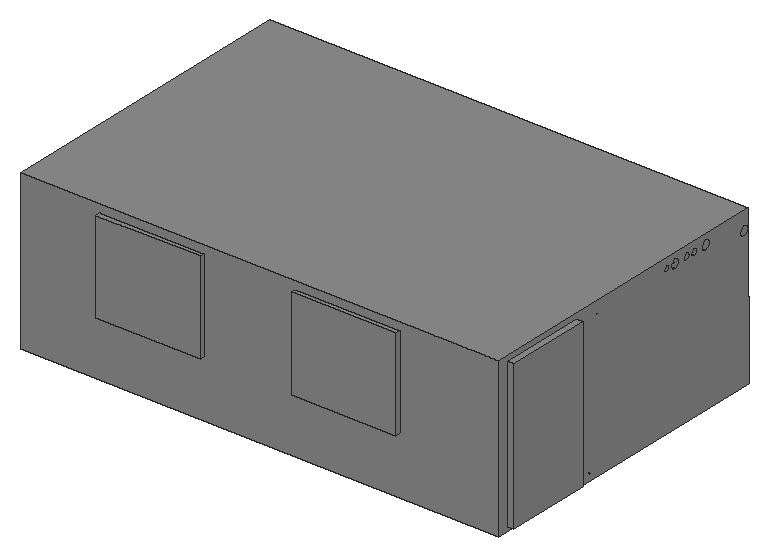
Revit family
Parameters (values of type "40RUA28")
  Width = 2' - 8 5/8"
  Voltage = 0 V
  Version = 1
  Unit Material = Paint - Carrier - American Sterling Gray
  UV-C Germicidal Lamp [instance] = no
  URL = "www.carrier.com"
  Type Comments = "25 Tons DX Coil Packed Air-Handling Unit"
  Return Air Intake Length = 7' - 8 3/4"
  Duct Width = 1' - 7 1/16"
  Duct Length = 1' - 9 9/16"
  Duct Height = 0' - 1"
  TXV Bulb Connection Size = 7/8"
  TXV Bulb Connection Radius = TXV Bulb Connection Size / 2  # 0' - 0 7/16"
  Suction Connection Size = 1 3/8"
  Suction Connection Radius = Suction Connection Size / 2  # 0' - 0 11/16"
  Subbase [instance] = no
  Steam Heating Coil [instance] = no
  Right Clearance = 2' - 6"
  Return Air Grille [instance] = no
  Programmable Thermostats [instance] = no
  Prepainted Units [instance] = no
  Overhead Suspension Package [instance] = no
  Model = "40RUA28"
  Manufacturer = "Carrier"  # constant formula
  MOCP = 0 A
  MCA = 0 A
  Liquid Connection Size = 5/8"
  Liquid Connection Radius = Liquid Connection Size / 2  # 0' - 0 5/16"
  Length = 8' - 3"
  Left Clearance = 2' - 6"
  Hot Water Heating Coils [instance] = no
  Height = 5' - 4 9/16"
  Bottom Return Air Intake Width = 2' - 0 11/16"
  Bottom Clearance = 2' - 6"
  Fan Radius = 1' - 0"
  Electric Heat [instance] = no
  Economizer [instance] = no
  Drain Connection Size = 1 1/4"
  Drain Connection Radius = Drain Connection Size / 2  # 0' - 0 5/8"
  Disclaimer = "Manufacturer reserves the right to change, at any time, specifications and designs without notice and without obligation.  Please verify critical parameters with local Carrier commercial sales office."  # constant formula
  Discharge Plenum [instance] = no
  Condensate Drain Trap [instance] = no
  CO2 Sensors [instance] = no
  CFM Per Duct [instance] = 0 CFM
  CFM (nominal) = 0 CFM
  Top Clearance = 0' - 3"
  Back Return Air Intake Height = 1' - 10"
  Assembly Code = "D3050200"
  Alternate Fan Motors [instance] = no
  Alternate Drives [instance] = no
Types (5): name | Type Comments | Duct Width | Duct Length | Suction Connection Size | Suction Connection Radius | Model | Liquid Connection Size | Liquid Connection Radius
  (no name) | "25 Tons DX Coil Packed Air-Handling Unit" | 1' - 7 1/16" | 1' - 9 9/16" | 1 3/8" | 0' - 0 11/16" | "40RUA28" | 5/8" | 0' - 0 5/16"
  40RUA28 | "25 Tons DX Coil Packed Air-Handling Unit" | 1' - 7 1/16" | 1' - 9 9/16" | 1 3/8" | 0' - 0 11/16" | "40RUA28" | 5/8" | 0' - 0 5/16"
  40RUA30 | "30 Tons  DX Coil Packed Air-Handling Unit" | 1' - 7" | 1' - 9" | 1 3/8" | 0' - 0 11/16" | "40RUA30" | 5/8" | 0' - 0 5/16"
  40RUS28 | "25 Tons Chilled Water Coil Packed Air-Handling Unit" | 1' - 7" | 1' - 9" | 2 1/8" | 0' - 1 1/16" | "40RUS28" | 2 1/8" | 0' - 1 1/16"
  40RUS30 | "30 Tons Chilled Water Coil Packed Air-Handling Unit" | 1' - 7" | 1' - 9" | 2 1/8" | 0' - 1 1/16" | "40RUS30" | 2 1/8" | 0' - 1 1/16"
Reference planes (in)
  plane 1 "Center (Front/Back)": y = 0
  plane 2: z = 0
  plane 3 "Center (Left/Right)": x = 0
  plane 4 "Top Face of Unit": z = 32.625
  plane 5 "Front Face of Unit": z = 0
  plane 6 "Left Face of Unit": x = -49.5
  plane 7 "Right Face of Unit": x = 49.5
  plane 8 "Top/Back Clearance Line": z = 31.1875
  plane 9 "Left Clearance Line": x = -79.5
  plane 10 "Right Clearance Line": x = 79.5
  plane 11 "Bottom/Front Clearance Line": z = -30
  plane 12 "Front Side of Unit": y = -28.03125
  plane 13 "Bottom of Unit": z = 0
  plane 14 "Left Duct Left Edge": x = -33
  plane 15 "Right Duct Right Edge": x = -11.4375
  plane 16 "Duct Back Edge": z = 31
  plane 17 "Duct Front Edge": z = 11.9375
  plane 18 "Duct Face": y = -29.03125
  plane 19 "Side Connections Centerline": z = 30.625
  plane 20 "Lower Suction Connection Centerline": y = 25.46875
  plane 21 "Lower Liquid Connection Centerline": y = 22.46875
  plane 22 "Upper Liquid Connection Centerline": y = 20.46875
  plane 23 "Upper Suction Connection Centerline": y = 17.46875
  plane 24 "TXV Bulb Connection": y = 15.34375
  plane 25 "Top Power Entry Centerline": y = -4.03125
  plane 26 "Lower Power Entry Centerline": y = -2.53125
  plane 27 "Drain Connection Centerline": y = 35.40625
  plane 28 "Drain Centerline - Horizontal": z = 28.875
  plane 29 "Front Drain Centerline Vertical": z = 2
  plane 30 "Front Drain Centerline Horizontal": y = -4.03125
  plane 31 "Back Face of Unit": y = 36.53125
  plane 32: x = 7.4375
  plane 33: x = 29
  plane 34 "Right Access Right Edge": y = -8.03125
  plane 35 "Right Access Left Edge": y = -26.03125
  plane 36 "Right Access Top Edge": z = 31.625
  plane 37 "Right Access Bottom Edge": z = 1
  plane 38 "Right Access Right Face": x = 51
  plane 39 "Left Edge of Intake": x = -46.375
  plane 40 "Right Edge of Intake": x = 46.375
  plane 41 "Back Edge of Intake": y = 29.78125
  plane 42 "Front Edge of Intake": y = 5.09375
  plane 43 "Top Edge of Intake": z = 25.4375
  plane 44 "Bottom Edge of Intake": z = 3.4375
Forms (in)
  Extrusion 1, solid, material "Paint - Carrier - American Sterling Gray" <- "Unit Material"
    sketch origin (0, 28.03125, 14.09375) x (1, 0, 0) y (0, 0, 1)
      loop
        line (-49.5, -14.09375) -> (49.5, -14.09375) -> (49.5, 18.53125) -> (-49.5, 18.53125) -> (-49.5, -14.09375)
    from -8.5 to 56.0625
  Extrusion 2, solid, material "Paint - Carrier - American Sterling Gray" <- "Unit Material", detail levels medium+fine
    sketch origin (0, -28.03125, 0) x (-1, 0, 0) y (0, 0, -1)
      loop
        line (33, -11.9375) -> (11.4375, -11.9375) -> (11.4375, -31) -> (33, -31) -> (33, -11.9375)
    from 0 to 1
  Extrusion 3, solid, material "Paint - Carrier - American Sterling Gray" <- "Unit Material", detail levels fine
    sketch origin (49.5, 28.03125, 14.09375) x (0, 0, 1) y (0, -1, 0)
      loop
        circle (16.53125, 32.0625) r 0.4375
    from 0 to -0.5
  Extrusion 4, solid, material "Paint - Carrier - American Sterling Gray" <- "Unit Material", detail levels fine
    sketch origin (49.5, 28.03125, 14.09375) x (0, 0, 1) y (0, -1, 0)
      loop
        circle (16.53125, 30.5625) r 0.4375
    from 0 to -0.5
  Extrusion 5, solid, material "Paint - Carrier - American Sterling Gray" <- "Unit Material", detail levels fine
    sketch origin (49.5, 28.03125, 14.09375) x (0, 0, 1) y (0, -1, 0)
      loop
        circle (16.53125, 12.6875) r 0.4375
    from 0 to -0.5
  Extrusion 6, solid, material "Paint - Carrier - American Sterling Gray" <- "Unit Material", detail levels fine
    sketch origin (49.5, 28.03125, 14.09375) x (0, 0, 1) y (0, -1, 0)
      loop
        circle (16.53125, 10.5625) r 0.875
    from 0 to -0.5
  Extrusion 7, solid, material "Paint - Carrier - American Sterling Gray" <- "Unit Material", detail levels fine
    sketch origin (49.5, 28.03125, 14.09375) x (0, 0, 1) y (0, -1, 0)
      loop
        circle (16.53125, 7.5625) r 0.5625
    from 0 to -0.5
  Extrusion 8, solid, material "Paint - Carrier - American Sterling Gray" <- "Unit Material", detail levels fine
    sketch origin (49.5, 28.03125, 14.09375) x (0, 0, 1) y (0, -1, 0)
      loop
        circle (16.53125, 5.5625) r 0.5625
    from 0 to -0.5
  Extrusion 9, solid, material "Paint - Carrier - American Sterling Gray" <- "Unit Material", detail levels fine
    sketch origin (49.5, 28.03125, 14.09375) x (0, 0, 1) y (0, -1, 0)
      loop
        circle (16.53125, 2.5625) r 0.875
    from 0 to -0.5
  Extrusion 10, solid, material "Paint - Carrier - American Sterling Gray" <- "Unit Material", detail levels fine
    sketch origin (49.5, 28.03125, 14.09375) x (0, 0, 1) y (0, -1, 0)
      loop
        circle (14.78125, -7.375) r 0.875
    from 0 to -0.5
  Extrusion 11, solid, material "Paint - Carrier - American Sterling Gray" <- "Unit Material", detail levels fine
    sketch origin (49.5, 28.03125, 14.09375) x (0, 0, 1) y (0, -1, 0)
      loop
        circle (-12.09375, 32.0625) r 0.875
    from 0 to -0.5
  Extrusion 12, solid, material "Paint - Carrier - American Sterling Gray" <- "Unit Material", detail levels medium+fine
    sketch origin (0, -28.03125, 0) x (-1, 0, 0) y (0, 0, -1)
      loop
        line (-7.4375, -11.9375) -> (-29, -11.9375) -> (-29, -31) -> (-7.4375, -31) -> (-7.4375, -11.9375)
    from 1 to 0
  Extrusion 13, solid, material "Paint - Carrier - American Sterling Gray" <- "Unit Material", detail levels medium+fine
    sketch origin (49.5, 0, 0) x (0, 1, 0) y (0, 0, 1)
      loop
        line (-26.03125, 1) -> (-8.03125, 1) -> (-8.03125, 31.625) -> (-26.03125, 31.625) -> (-26.03125, 1)
    from 1.5 to 0
  Extrusion 14, solid, material "Paint - Carrier - American Sterling Gray" <- "Unit Material", detail levels medium+fine
    sketch origin (0, 0, 0) x (-1, 0, 0) y (0, -1, 0)
      loop
        line (46.375, -5.09375) -> (-46.375, -5.09375) -> (-46.375, -29.78125) -> (46.375, -29.78125) -> (46.375, -5.09375)
    from 0 to 0.5
  Extrusion 15, solid, material "Paint - Carrier - American Sterling Gray" <- "Unit Material", detail levels medium+fine
    sketch origin (0, 36.53125, 0) x (0, 0, 1) y (1, 0, 0)
      loop
        line (3.4375, -46.375) -> (25.4375, -46.375) -> (25.4375, 46.375) -> (3.4375, 46.375) -> (3.4375, -46.375)
    from 0 to -0.5
Lines and regions (in)
  symbolic lines, style "Clearance Zones", detail levels fine
    curve 1: line (-79.5, -29.03125, 0) -> (79.5, -29.03125, 0)
    curve 2: line (-79.5, 36.53125, 0) -> (-79.5, -29.03125, 0)
    curve 3: line (79.5, 36.53125, 0) -> (-79.5, 36.53125, 0)
    curve 4: line (79.5, -29.03125, 0) -> (79.5, 36.53125, 0)
  model lines, detail levels medium+fine
    curve 5: line (-47, 33.03125, 0) -> (47, 33.03125, 0)
    curve 6: line (-47, 1.25, 0) -> (-47, 33.03125, 0)
    curve 7: line (47, 1.25, 0) -> (-47, 1.25, 0)
    curve 8: line (47, 33.03125, 0) -> (47, 1.25, 0)
    curve 9: line (-47, -1.25, 0) -> (47, -1.25, 0)
    curve 10: line (-47, -25.53125, 0) -> (-47, -1.25, 0)
    curve 11: line (47, -25.53125, 0) -> (-47, -25.53125, 0)
    curve 12: line (47, -1.25, 0) -> (47, -25.53125, 0)
    curve 13: line (-49.5, 33.03125, 28.625) -> (-49.5, 33.03125, 4)
    curve 14: line (-49.5, -25.53125, 4) -> (-49.5, -25.53125, 28.625)
    curve 15: line (-49.5, 33.03125, 4) -> (-49.5, -25.53125, 4)
    curve 16: line (49.5, 33.03125, 4) -> (49.5, 33.03125, 28.625)
    curve 17: line (49.5, -8.03125, 4) -> (49.5, 33.03125, 4)
    curve 18: line (49.5, -8.03125, 28.625) -> (49.5, -8.03125, 4)
    curve 19: line (49.5, 33.03125, 28.625) -> (49.5, -8.03125, 28.625)
  model lines
    curve 20: line (-49.5, 33.03125, 28.625) -> (-49.5, -25.53125, 28.625)
Dimensions and locks (in)
  equal spacing: plane 6 "Left Face of Unit", plane 3 "Center (Left/Right)", plane 7 "Right Face of Unit"
  "Length": plane 6 "Left Face of Unit" to plane 7 "Right Face of Unit"
  "Left Clearance": plane 9 "Left Clearance Line" to plane 6 "Left Face of Unit"
  "Right Clearance": plane 7 "Right Face of Unit" to plane 10 "Right Clearance Line"
  locked: plane 6 "Left Face of Unit" to plane 14 "Left Duct Left Edge" at 16.5
  "Duct Length": plane 14 "Left Duct Left Edge" to plane 15 "Right Duct Right Edge"
  locked: curve 10 to plane 6 "Left Face of Unit" at 2.5
  locked: plane 7 "Right Face of Unit" to curve 12 at 2.5
  locked: plane 12 "Front Side of Unit" to curve 11 at 2.5
  locked: curve 11 to curve 9 at 24.28125
  locked: curve 9 to curve 7 at 2.5
  locked: curve 15 to plane 5 "Front Face of Unit" at 4
  locked: plane 12 "Front Side of Unit" to curve 14 at 2.5
  locked: plane 19 "Side Connections Centerline" to plane 4 "Top Face of Unit" at 2
  locked: plane 28 "Drain Centerline - Horizontal" to plane 4 "Top Face of Unit" at 3.75
  locked: plane 5 "Front Face of Unit" to plane 29 "Front Drain Centerline Vertical" at 2
  locked: curve 20 to plane 4 "Top Face of Unit" at 4
  locked: plane 31 "Back Face of Unit" to curve 13 at 3.5
  "Width": plane 4 "Top Face of Unit" to plane 13 "Bottom of Unit"
  locked: plane 27 "Drain Connection Centerline" to plane 31 "Back Face of Unit" at 1.125
  locked: plane 20 "Lower Suction Connection Centerline" to plane 31 "Back Face of Unit" at 11.0625
  locked: plane 21 "Lower Liquid Connection Centerline" to plane 31 "Back Face of Unit" at 14.0625
  locked: plane 22 "Upper Liquid Connection Centerline" to plane 31 "Back Face of Unit" at 16.0625
  locked: plane 23 "Upper Suction Connection Centerline" to plane 31 "Back Face of Unit" at 19.0625
  locked: plane 24 "TXV Bulb Connection" to plane 31 "Back Face of Unit" at 21.1875
  locked: plane 26 "Lower Power Entry Centerline" to plane 31 "Back Face of Unit" at 39.0625
  locked: plane 25 "Top Power Entry Centerline" to plane 31 "Back Face of Unit" at 40.5625
  locked: plane 30 "Front Drain Centerline Horizontal" to plane 31 "Back Face of Unit" at 40.5625
  plane 4 "Top Face of Unit" to plane 16 "Duct Back Edge" = 0' - 1 5/8"
  "Duct Width": plane 16 "Duct Back Edge" to plane 17 "Duct Front Edge"
  locked: plane 15 "Right Duct Right Edge" to plane 32 at 18.875
  "Duct Length": plane 32 to plane 33
  locked: curve 5 to plane 31 "Back Face of Unit" at 3.5
  "Height": plane 12 "Front Side of Unit" to plane 31 "Back Face of Unit"
  plane 12 "Front Side of Unit" to plane 35 "Right Access Left Edge" to plane 34 "Right Access Right Edge" = 0' - 2" locked, 1' - 6" locked
  locked: plane 37 "Right Access Bottom Edge" to plane 13 "Bottom of Unit" at 1
  locked: plane 4 "Top Face of Unit" to plane 36 "Right Access Top Edge" at 1
  locked: plane 7 "Right Face of Unit" to plane 38 "Right Access Right Face" at 1.5
  locked: plane 6 "Left Face of Unit" to plane 39 "Left Edge of Intake" at 3.125
  "Return Air Intake Length": plane 39 "Left Edge of Intake" to plane 40 "Right Edge of Intake"
  locked: plane 31 "Back Face of Unit" to plane 41 "Back Edge of Intake" at 6.75
  "Bottom Return Air Intake Width": plane 41 "Back Edge of Intake" to plane 42 "Front Edge of Intake"
  locked: Extrusion 14 to plane 13 "Bottom of Unit" at 0.5
  locked: plane 44 "Bottom Edge of Intake" to plane 13 "Bottom of Unit" at 3.4375
  "Back Return Air Intake Height": plane 43 "Top Edge of Intake" to plane 44 "Bottom Edge of Intake"
  locked: Extrusion 15 to plane 31 "Back Face of Unit" at 0.5
  radius of Extrusion 3 sketch curve = 0' - 0 7/16"
  radius of Extrusion 4 sketch curve = 0' - 0 7/16"
  radius of Extrusion 5 sketch curve = 0' - 0 7/16"
  radius of Extrusion 6 sketch curve = 0' - 0 7/8"
  radius of Extrusion 7 sketch curve = 0' - 0 9/16"
  radius of Extrusion 8 sketch curve = 0' - 0 9/16"
  radius of Extrusion 9 sketch curve = 0' - 0 7/8"
  radius of Extrusion 10 sketch curve = 0' - 0 7/8"
  radius of Extrusion 11 sketch curve = 0' - 0 7/8"
  aligned and locked: level to plane 2
  aligned and locked: plane 10 "Right Clearance Line" to curve 4
  aligned and locked: curve 2 to plane 9 "Left Clearance Line"
  aligned and locked: level to plane 13 "Bottom of Unit"
  aligned and locked: plane 4 "Top Face of Unit" to Extrusion 1 sketch curve
  aligned and locked: Extrusion 1 sketch curve to plane 6 "Left Face of Unit"
  aligned and locked: plane 7 "Right Face of Unit" to Extrusion 1
  aligned and locked: plane 5 "Front Face of Unit" to Extrusion 1
  aligned and locked: Extrusion 1 to plane 12 "Front Side of Unit"
  aligned: Extrusion 1 to plane 13 "Bottom of Unit"
  aligned and locked: plane 16 "Duct Back Edge" to Extrusion 2 sketch curve
  aligned and locked: plane 15 "Right Duct Right Edge" to Extrusion 2 sketch curve
  aligned and locked: Extrusion 2 sketch curve to plane 14 "Left Duct Left Edge"
  aligned and locked: Extrusion 2 sketch curve to plane 17 "Duct Front Edge"
  aligned and locked: Extrusion 2 to plane 12 "Front Side of Unit"
  aligned and locked: Extrusion 2 to plane 18 "Duct Face"
  aligned and locked: curve 10 to curve 6
  aligned and locked: curve 8 to curve 12
  aligned and locked: curve 15 to curve 17
  aligned and locked: curve 13 to curve 16
  aligned and locked: plane 19 "Side Connections Centerline" to Extrusion 3 sketch curve
  aligned and locked: plane 25 "Top Power Entry Centerline" to Extrusion 3 sketch curve
  aligned and locked: plane 7 "Right Face of Unit" to Extrusion 3
  aligned and locked: plane 19 "Side Connections Centerline" to Extrusion 4 sketch curve
  aligned and locked: plane 26 "Lower Power Entry Centerline" to Extrusion 4 sketch curve
  aligned and locked: plane 19 "Side Connections Centerline" to Extrusion 5 sketch curve
  aligned and locked: plane 24 "TXV Bulb Connection" to Extrusion 5 sketch curve
  aligned and locked: plane 23 "Upper Suction Connection Centerline" to Extrusion 6 sketch curve
  aligned and locked: plane 19 "Side Connections Centerline" to Extrusion 6 sketch curve
  aligned and locked: plane 19 "Side Connections Centerline" to Extrusion 7 sketch curve
  aligned and locked: plane 22 "Upper Liquid Connection Centerline" to Extrusion 7 sketch curve
  aligned and locked: plane 19 "Side Connections Centerline" to Extrusion 8 sketch curve
  aligned and locked: plane 21 "Lower Liquid Connection Centerline" to Extrusion 8 sketch curve
  aligned and locked: plane 19 "Side Connections Centerline" to Extrusion 9 sketch curve
  aligned and locked: plane 20 "Lower Suction Connection Centerline" to Extrusion 9 sketch curve
  aligned and locked: plane 28 "Drain Centerline - Horizontal" to Extrusion 10 sketch curve
  aligned and locked: plane 27 "Drain Connection Centerline" to Extrusion 10 sketch curve
  aligned and locked: plane 7 "Right Face of Unit" to Extrusion 10
  aligned and locked: plane 7 "Right Face of Unit" to Extrusion 9
  aligned and locked: plane 7 "Right Face of Unit" to Extrusion 8
  aligned and locked: plane 7 "Right Face of Unit" to Extrusion 7
  aligned and locked: plane 7 "Right Face of Unit" to Extrusion 6
  aligned and locked: plane 7 "Right Face of Unit" to Extrusion 5
  aligned and locked: plane 7 "Right Face of Unit" to Extrusion 4
  aligned and locked: plane 29 "Front Drain Centerline Vertical" to Extrusion 11 sketch curve
  aligned and locked: plane 30 "Front Drain Centerline Horizontal" to Extrusion 11 sketch curve
  aligned and locked: plane 7 "Right Face of Unit" to Extrusion 11
  aligned and locked: curve 20 to curve 19
  aligned and locked: plane 31 "Back Face of Unit" to Extrusion 1
  aligned and locked: plane 16 "Duct Back Edge" to Extrusion 12 sketch curve
  aligned and locked: Extrusion 12 sketch curve to plane 32
  aligned and locked: plane 33 to Extrusion 12 sketch curve
  aligned and locked: Extrusion 12 sketch curve to plane 17 "Duct Front Edge"
  aligned and locked: plane 18 "Duct Face" to Extrusion 12
  aligned and locked: Extrusion 12 to plane 12 "Front Side of Unit"
  aligned and locked: plane 31 "Back Face of Unit" to curve 3
  aligned and locked: plane 18 "Duct Face" to curve 1
  aligned and locked: curve 18 to plane 34 "Right Access Right Edge"
  aligned and locked: plane 34 "Right Access Right Edge" to Extrusion 13 sketch curve
  aligned and locked: plane 36 "Right Access Top Edge" to Extrusion 13 sketch curve
  aligned and locked: Extrusion 13 sketch curve to plane 37 "Right Access Bottom Edge"
  aligned and locked: Extrusion 13 sketch curve to plane 35 "Right Access Left Edge"
  aligned and locked: plane 38 "Right Access Right Face" to Extrusion 13
  aligned and locked: Extrusion 13 to plane 7 "Right Face of Unit"
  aligned and locked: plane 40 "Right Edge of Intake" to Extrusion 14 sketch curve
  aligned and locked: plane 41 "Back Edge of Intake" to Extrusion 14 sketch curve
  aligned and locked: Extrusion 14 sketch curve to plane 39 "Left Edge of Intake"
  aligned and locked: Extrusion 14 sketch curve to plane 42 "Front Edge of Intake"
  aligned and locked: Extrusion 14 to plane 13 "Bottom of Unit"
  aligned and locked: Extrusion 15 sketch curve to plane 39 "Left Edge of Intake"
  aligned and locked: plane 40 "Right Edge of Intake" to Extrusion 15 sketch curve
  aligned and locked: plane 43 "Top Edge of Intake" to Extrusion 15 sketch curve
  aligned and locked: Extrusion 15 sketch curve to plane 44 "Bottom Edge of Intake"
  aligned and locked: plane 31 "Back Face of Unit" to Extrusion 15
Automatic sketch dimensions
  Extrusion 1 sketch curve to plane 7 "Right Face of Unit" = 0' - 0"
  Extrusion 1 sketch curve to level = 0' - 0"
Connectors (in)
  hvac at (-22.21875, -29.03125, 21.46875), driven by "Duct Length", driven by "Duct Width", driven by "CFM Per Duct"
    settings: on Extrusion 2, index 1, duct flow 0 CFM, flow factor 0, pres drop 0.00 in-wg, loss coef 0, conn angle 0.00°, conn width 21 9/16", conn height 19 1/16", conn radius 12", duct sys type 1, conn prof type 1, flow config 0, flow direction 2, loss method 0, conn ref index -1, conn util no, is conn primary yes, conn desc "Left Supply Air"
  piping at (49.5, 25.46875, 30.625), driven by "Suction Connection Radius"
    settings: on Extrusion 9, index 3, connector radius 11/16", flow factor 0, pipe flow 0 GPM, pressure drop 0.00 psi, fitting loss kfactor 0, connector angle 0.00°, fixture units 0, flow configuration 1, flow direction 2, fitting loss method 0, system type 22, connector reference index -1, connector utility 0, adjustable connector no, is connector primary yes, fitting loss table "", connector description "Lower Suction Connection"
  piping at (49.5, 22.46875, 30.625), driven by "Liquid Connection Radius"
    settings: on Extrusion 8, index 4, connector radius 5/16", flow factor 0, pipe flow 0 GPM, pressure drop 0.00 psi, fitting loss kfactor 0, connector angle 0.00°, fixture units 0, flow configuration 1, flow direction 1, fitting loss method 0, system type 22, connector reference index -1, connector utility 0, adjustable connector no, is connector primary no, fitting loss table "", connector description "Lower Liquid Connection"
  piping at (49.5, 20.46875, 30.625), driven by "Liquid Connection Radius"
    settings: on Extrusion 7, index 5, connector radius 5/16", flow factor 0, pipe flow 0 GPM, pressure drop 0.00 psi, fitting loss kfactor 0, connector angle 0.00°, fixture units 0, flow configuration 1, flow direction 1, fitting loss method 0, system type 22, connector reference index -1, connector utility 0, adjustable connector no, is connector primary no, fitting loss table "", connector description "Upper Liquid Connection"
  piping at (49.5, 17.46875, 30.625), driven by "Suction Connection Radius"
    settings: on Extrusion 6, index 6, connector radius 11/16", flow factor 0, pipe flow 0 GPM, pressure drop 0.00 psi, fitting loss kfactor 0, connector angle 0.00°, fixture units 0, flow configuration 1, flow direction 2, fitting loss method 0, system type 22, connector reference index -1, connector utility 0, adjustable connector no, is connector primary no, fitting loss table "", connector description "Upper Suction Connection"
  piping at (49.5, 15.34375, 30.625), driven by "TXV Bulb Connection Radius"
    settings: on Extrusion 5, index 7, connector radius 7/16", flow factor 0, pipe flow 0 GPM, pressure drop 0.00 psi, fitting loss kfactor 0, connector angle 0.00°, fixture units 0, flow configuration 1, flow direction 1, fitting loss method 0, system type 22, connector reference index -1, connector utility 0, adjustable connector no, is connector primary no, fitting loss table "", connector description "TXV Bulb"
  electrical at (49.5, -4.03125, 30.625)
    settings: on Extrusion 3, index 8, voltage 0 V, apparent load 0 VA, apparent load phase1 0 VA, apparent load phase2 0 VA, apparent load phase3 0 VA, power factor 1, load classification "Power", number of poles 3, system type 30, power factor state 1, is connector primary yes, connector utility no, sub classification motor no, connector description "Power Supply"
  electrical at (49.5, -2.53125, 30.625)
    settings: on Extrusion 4, index 9, voltage 0 V, apparent load 0 VA, apparent load phase1 0 VA, apparent load phase2 0 VA, apparent load phase3 0 VA, power factor 1, load classification "Motor", number of poles 3, system type 30, power factor state 1, is connector primary no, connector utility no, sub classification motor no, connector description "Optional Fan Motor"
  piping at (49.5, -4.03125, 2), driven by "Drain Connection Radius"
    settings: on Extrusion 11, index 10, connector radius 5/8", flow factor 0, pipe flow 0 GPM, pressure drop 0.00 psi, fitting loss kfactor 0, connector angle 0.00°, fixture units 0, flow configuration 1, flow direction 2, fitting loss method 0, system type 16, connector reference index -1, connector utility 0, adjustable connector no, is connector primary no, fitting loss table "", connector description "Front Drain"
  hvac at (18.21875, -29.03125, 21.46875), driven by "Duct Length", driven by "Duct Width", driven by "CFM Per Duct"
    settings: on Extrusion 12, index 11, duct flow 0 CFM, flow factor 0, pres drop 0.00 in-wg, loss coef 0, conn angle 0.00°, conn width 21 9/16", conn height 19 1/16", conn radius 12", duct sys type 1, conn prof type 1, flow config 0, flow direction 2, loss method 0, conn ref index -1, conn util no, is conn primary no, conn desc "Right Supply Air"
  hvac at (0, 17.4375, 0), driven by "Return Air Intake Length", driven by "Bottom Return Air Intake Width"
    settings: on Extrusion 14, index 12, duct flow 0 CFM, flow factor 0, pres drop 0.00 in-wg, loss coef 0, conn angle 0.00°, conn width 92 3/4", conn height 24 11/16", conn radius 12", duct sys type 2, conn prof type 1, flow config 0, flow direction 1, loss method 0, conn ref index -1, conn util no, is conn primary no, conn desc "Bottom Return Air Intake"
  hvac at (0, 36.53125, 14.4375), driven by "Return Air Intake Length", driven by "Back Return Air Intake Height"
    settings: on Extrusion 15, index 13, duct flow 0 CFM, flow factor 0, pres drop 0.00 in-wg, loss coef 0, conn angle 0.00°, conn width 92 3/4", conn height 22", conn radius 12", duct sys type 2, conn prof type 1, flow config 0, flow direction 1, loss method 0, conn ref index -1, conn util no, is conn primary no, conn desc "Back Return Air Intake"
